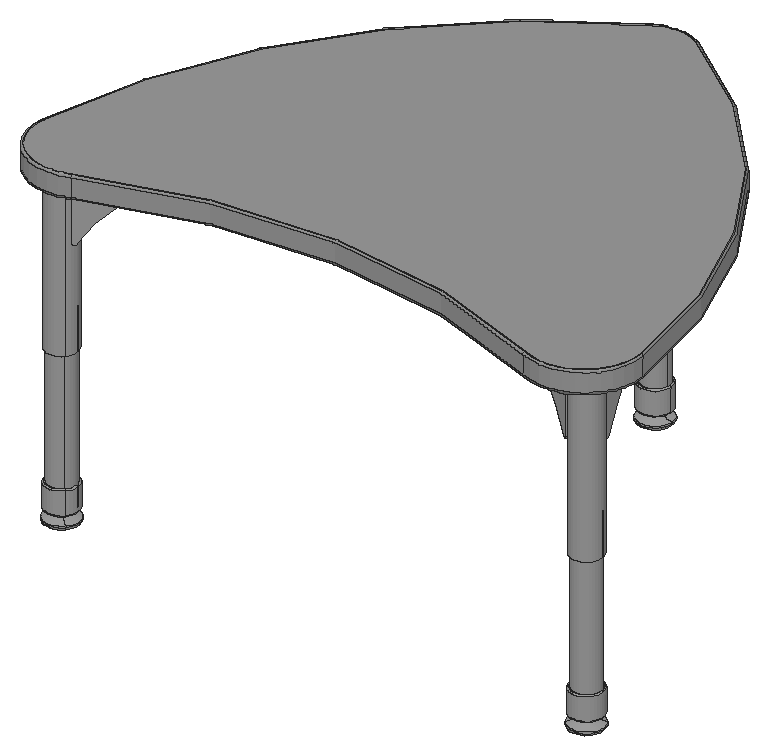
Revit family "Hierarchy Chevron Small Desk - Youth Height", category Furniture, Revit 2018
Family settings
  Work Plane-Based = No
  Always vertical = Yes
  Cut with Voids When Loaded = No
  Shared = No
  Room Calculation Point = No
Parameters
  Desk Height = 1' - 4"
  Surface = Hierarchy Chevron Small Desk Youth Surface
  Leg Finish = Hierarchy Leg Platinum
  Edgeband = Hierarchy Chevron Small Desk Youth Edgeband
  Caster/Glide = Hierarchy Youth Leg - Glide : Hierarchy Youth Leg - Glide
Reference planes (in)
  plane 1 "Center (Front/Back)": y = 0
  plane 2: z = 0
  plane 3 "Center (Left/Right)": x = 0
  plane 4 "Table Height": z = 16
Dimensions and locks (in)
  "Desk Height": plane 4 "Table Height" to level
  aligned and locked: plane 2 to level
  aligned and locked: nested 1 to plane 4 "Table Height"
Nested families (in)
  nested 1: "Chevron Small Tabletop" at (0, 0, -12.5), type "Chevron Small Tabletop"
  nested 2: "Hierarchy Youth Leg - Glide" at (-13.3791, -10.37235, 0) x (-0.7709, 0.637, 0) z (0, 0, 1), type <- "Caster/Glide", Leg Finish <- "Leg Finish", Leg Height <- "Desk Height", type "Hierarchy Youth Leg - Glide"
    with Leg Height 1' - 4", Leg Finish Hierarchy Leg Platinum
  nested 3: "Hierarchy Youth Leg - Glide" at (13.3791, -10.37235, 0) x (0.7709, 0.637, 0) z (0, 0, 1), type <- "Caster/Glide", Leg Finish <- "Leg Finish", Leg Height <- "Desk Height", type "Hierarchy Youth Leg - Glide"
    with Leg Height 1' - 4", Leg Finish Hierarchy Leg Platinum
  nested 4: "Hierarchy Youth Leg - Glide" at (0, 10.72732, 0), Leg Finish <- "Leg Finish", Leg Height <- "Desk Height", type "Hierarchy Youth Leg - Glide"
    with Leg Height 1' - 4", Leg Finish Hierarchy Leg Platinum
Definition of nested family "Chevron Small Tabletop"
  Parameters (values of type "Chevron Small Tabletop")
    Surface = none
    Edgeband = none
  Reference planes (in)
    plane 1 "Center (Front/Back)": y = 0
    plane 2: z = 0
    plane 3 "Center (Left/Right)": x = 0
  Forms (in)
    Extrusion 1, solid, material <- "Surface"
      sketch origin (0, 0, 0) x (1, 0, 0) y (0, 1, 0)
        loop
          arc (1.11921, 11.93196) -> (0, 12.23098) -> (-1.11921, 11.93196) r 2.24409
          arc (-1.11921, 11.93196) -> (-10.65751, 3.00305) -> (-15.23374, -9.2347) r 28.62199
          arc (-15.23374, -9.2347) -> (-14.19921, -11.68117) -> (-11.56068, -11.98718) r 2.63779
          arc (-11.56068, -11.98718) -> (0, -9.57036) -> (11.56068, -11.98718) r 28.85821
          arc (11.56068, -11.98718) -> (14.19921, -11.68117) -> (15.23374, -9.2347) r 2.63779
          arc (15.23374, -9.2347) -> (10.65751, 3.00305) -> (1.11921, 11.93196) r 28.62199
      from 28.5 to 29.625
    Sweep 2, solid, material <- "Edgeband"
      path in 3D
        loop
          arc (-1.11921, 11.93196, 29.625) -> (0, 12.23098, 29.625) -> (1.11921, 11.93196, 29.625) r 2.24409
          arc (1.11921, 11.93196, 29.625) -> (10.65751, 3.00305, 29.625) -> (15.23374, -9.2347, 29.625) r 28.62199
          arc (15.23374, -9.2347, 29.625) -> (14.19921, -11.68117, 29.625) -> (11.56068, -11.98718, 29.625) r 2.63779
          arc (11.56068, -11.98718, 29.625) -> (0, -9.57036, 29.625) -> (-11.56068, -11.98718, 29.625) r 28.85821
          arc (-11.56068, -11.98718, 29.625) -> (-14.19921, -11.68117, 29.625) -> (-15.23374, -9.2347, 29.625) r 2.63779
          arc (-15.23374, -9.2347, 29.625) -> (-10.65751, 3.00305, 29.625) -> (-1.11921, 11.93196, 29.625) r 28.62199
      profile origin (-10.65751, 3.00305, 29.625) x (-0.831988, 0.554793, 0) y (0, 0, 1)
        loop
          line (0.10581, -1.01919) -> (0.10581, -0.10581)
          arc (0.10581, -0.10581) -> (0.07482, -0.03099) -> (0, 0) r 0.10581
          line (0, 0) -> (0, -1.125)
          arc (0, -1.125) -> (0.07482, -1.09401) -> (0.10581, -1.01919) r 0.10581
  Lines and regions (in)
    sketch lines
      curve 1: arc (-15.23374, -9.2347, 29.625) -> (-10.65751, 3.00305, 29.625) -> (-1.11921, 11.93196, 29.625) r 28.62199
      curve 2: arc (-1.11921, 11.93196, 29.625) -> (0, 12.23098, 29.625) -> (1.11921, 11.93196, 29.625) r 2.24409
      curve 3: arc (1.11921, 11.93196, 29.625) -> (10.65751, 3.00305, 29.625) -> (15.23374, -9.2347, 29.625) r 28.62199
      curve 4: arc (15.23374, -9.2347, 29.625) -> (14.19921, -11.68117, 29.625) -> (11.56068, -11.98718, 29.625) r 2.63779
      curve 5: arc (11.56068, -11.98718, 29.625) -> (0, -9.57036, 29.625) -> (-11.56068, -11.98718, 29.625) r 28.85821
      curve 6: arc (-11.56068, -11.98718, 29.625) -> (-14.19921, -11.68117, 29.625) -> (-15.23374, -9.2347, 29.625) r 2.63779
  Dimensions and locks (in)
    aligned and locked: plane 2 to level
Definition of nested family "Hierarchy Youth Leg - Glide"
  Parameters (values of type "Hierarchy Youth Leg - Glide")
    Leg Finish [instance] = none
    Leg Height [instance] = 1' - 4.80117"
  Reference planes (in)
    plane 1 "Center (Front/Back)": y = 0
    plane 2: z = 0
    plane 3 "Center (Left/Right)": x = 0
  Forms (in)
    Extrusion 1, solid
      sketch origin (-0.01562, 0, 0) x (1, 0, 0) y (0, 1, 0)
        loop
          circle (0.01563, 0) r 0.67016
      from 0.67618 to 10.55018
    Revolve 2, solid
      sketch origin (0, 0, 0) x (1, 0, 0) y (0, 0, 1)
        loop
          line (-0.73189, 1.80118) -> (-0.79439, 1.73867) -> (-0.79439, 0.61381) -> (-0.73176, 0.55118) -> (-0.125, 0.55118) -> (-0.125, 0.42618) -> (-0.84656, 0.16241) -> (-0.84656, 0.08994) -> (-0.81359, 0) -> (0, 0) -> (0, 1.80118) -> (-0.73189, 1.80118)
        axis (0, 1.80118) -> (0, 0)
      angle from 0 to 360
  Dimensions and locks (in)
    "Leg Height": nested 1 to level  (x2)
    aligned and locked: plane 2 to level
  Automatic sketch dimensions
    plane 1 "Center (Front/Back)" to Extrusion 1 sketch curve = 0' - 0"
    Extrusion 1 sketch curve to plane 3 "Center (Left/Right)" = 0' - 0"
    Revolve 2 sketch curve to level = 0' - 0"
    Revolve 2 sketch curve to plane 3 "Center (Left/Right)" = 0' - 0"  (x2)
    Revolve 2 sketch curve to plane 3 "Center (Left/Right)" = 0' - 0 1/8"
    Revolve 2 sketch curve to Revolve 2 sketch curve = 0' - 0.60676"
    Revolve 2 sketch curve to Revolve 2 sketch curve = 0' - 0.73189"
    Revolve 2 sketch curve to Revolve 2 sketch curve = 0' - 0.06263"  (x2)
    Revolve 2 sketch curve to Revolve 2 sketch curve = 0' - 0.08183"
    Revolve 2 sketch curve to Revolve 2 sketch curve = 0' - 0.03297"
    level to Revolve 2 sketch curve = 0' - 0.08994"
    Revolve 2 sketch curve to Revolve 2 sketch curve = 0' - 0.07247"
    level to Revolve 2 sketch curve = 0' - 0.42618"
    Revolve 2 sketch curve to Revolve 2 sketch curve = 0' - 0 1/8"
    Revolve 2 sketch curve to Revolve 2 sketch curve = 0' - 1.12486"
    Revolve 2 sketch curve to Revolve 2 sketch curve = 0' - 0 1/16"
    Revolve 2 sketch curve to level = 2' - 0"
    Revolve 2 sketch curve to Revolve 2 sketch curve = 8' - 4.91764"
    radius of Extrusion 1 sketch curve = 0' - 0.67016"
  Nested families (in)
    nested 1: "Hierarchy Youth Upper Leg 2023" at (0, 0, 0), Leg Finish <- "Leg Finish", type "Hierarchy Youth Upper Leg 2023"
      with Leg Finish none
  Definition of nested family "Hierarchy Youth Upper Leg 2023"
    Parameters (values of type "Hierarchy Youth Upper Leg 2023")
      Leg Finish [instance] = none
    Reference planes (in)
      plane 1 "Center (Front/Back)": y = 0
      plane 2: z = 0
      plane 3 "Center (Left/Right)": x = 0
    Forms (in)
      Extrusion 1, solid, material <- "Leg Finish"
        sketch origin (0, 0, -11.001) x (1, 0, 0) y (0, 1, 0)
          loop
            circle (0, 0) r 0.75
        from 19.67618 to 27.67618
      Extrusion 2, solid, material <- "Leg Finish"
        sketch origin (0, 0, -11.001) x (1, 0, 0) y (0, 1, 0)
          loop
            line (-1.70174, 0.19183) -> (-2.88626, -2.26116)
            arc (-2.88626, -2.26116) -> (-2.83993, -3.09822) -> (-2.1063, -3.50394) r 0.86614
            line (-2.1063, -3.50394) -> (2.1063, -3.50394)
            arc (2.1063, -3.50394) -> (2.83993, -3.09822) -> (2.88626, -2.26116) r 0.86614
            line (2.88626, -2.26116) -> (1.70174, 0.19183)
            arc (1.70174, 0.19183) -> (0, 1.25984) -> (-1.70174, 0.19183) r 1.88976
        from 27.67618 to 27.80217
      Extrusion 3, solid, material <- "Leg Finish"
        sketch origin (-1.48519, 8.66524, -11.001) x (-0.434844, 0.900506, 0) y (0, 0, 1)
          loop
            line (-9.01425, 27.67618) -> (-11.80952, 27.67618)
            arc (-11.80952, 27.67618) -> (-11.92325, 27.58993) -> (-11.87088, 27.45715) r 0.11811
            arc (-11.87088, 27.45715) -> (-10.39364, 26.29679) -> (-9.23328, 24.81955) r 7.87402
            arc (-9.23328, 24.81955) -> (-9.1005, 24.76717) -> (-9.01425, 24.88091) r 0.11811
            line (-9.01425, 24.88091) -> (-9.01425, 27.67618)
        from -1.94075 to -1.81476
      Extrusion 4, solid, material <- "Leg Finish"
        sketch origin (1.48519, 8.66524, -11.001) x (0.434844, 0.900506, 0) y (0, 0, -1)
          loop
            line (-9.01425, -27.67618) -> (-9.01425, -24.88091)
            arc (-9.01425, -24.88091) -> (-9.1005, -24.76717) -> (-9.23328, -24.81955) r 0.11811
            arc (-9.23328, -24.81955) -> (-10.39364, -26.29679) -> (-11.87088, -27.45715) r 7.87402
            arc (-11.87088, -27.45715) -> (-11.92325, -27.58993) -> (-11.80952, -27.67618) r 0.11811
            line (-11.80952, -27.67618) -> (-9.01425, -27.67618)
        from -1.94075 to -1.81476
    Dimensions and locks (in)
      aligned and locked: plane 2 to level
